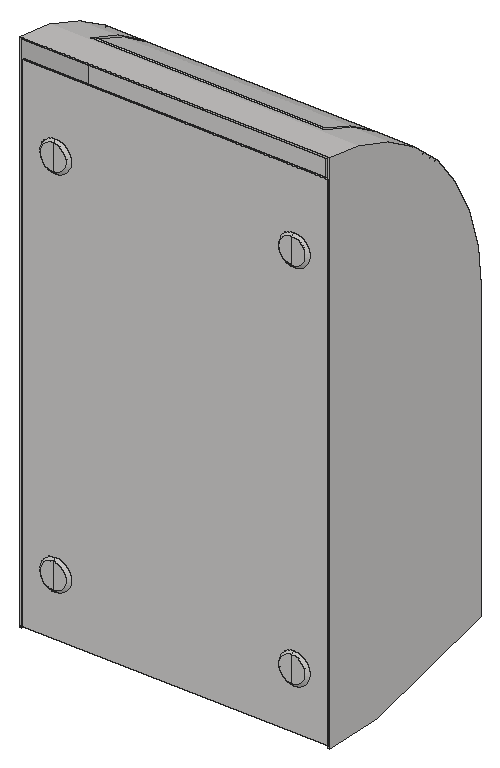
Revit family "DAN DRYER STAINLESS DESIGN 292", category Casework, host Wall, Revit 2018
Family settings
  Host = Wall
  OmniClass Number = 23.40.35.00
  OmniClass Title = Casework
  Always vertical = Yes
  Cut with Voids When Loaded = No
  Shared = No
  Room Calculation Point = No
Parameters (values of type "292")
  URL = "https://www.dandryer.com/Files/Billeder/292_GB%20data%20sheet_DAN%20DRYER%20compact%20waste%20bin%2030l.pdf"
  Model = "Stainless Design - 292"
  Manufacturer = "Dan Dryer"
  Description = "Waste Bin, 30 L"
Reference planes
  plane 1: y = 0
  plane 2 "Center (Left/Right)": x = 125
  plane 3 "Back": y = 75
Text (mm)
  text "Placement side" at (-1343.702, 674.496, 0), in view "Ref. Level"
  text "Placement side" at (0, 1232.041, 2958.779), in view "Left"
  text "Placement side" at (0, 590.385, 3035.99), in view "Right"
Dimensions and locks
  locked: plane 3 "Back" to host wall at 0
  aligned and locked: plane 1 to host wall
  aligned and locked: nested 1 to plane 3 "Back"
  aligned and locked: nested 1 to plane 2 "Center (Left/Right)"
Nested families
  nested 1: "Waste Bin" at (125, 75, 1100) x (-1, 0, 0) z (0, 0, 1), type "Waste Bin"
Definition of nested family "Waste Bin"
  Parameters (values of type "Waste Bin")
    Stainless = none
  Reference planes
    plane 1 "Center (Front/Back)": y = 0
    plane 2: z = 0
    plane 3 "Center (Left/Right)": x = 0
  Dimensions and locks
    aligned and locked: level to plane 2
    aligned and locked: plane 3 "Center (Left/Right)" to nested 1
    aligned and locked: nested 1 to plane 1 "Center (Front/Back)"
  Nested families
    nested 1: "Disposal bin" at (0, 0, 0) x (1, 0, 0) z (0, -1, 0), type "Disposal bin"
  Definition of nested family "Disposal bin"
    Parameters (values of type "Disposal bin")
      Stainless = none
      Default Elevation = 1219.2 mm
    Reference planes
      plane 1 "Center (Front/Back)": y = 0
      plane 2: z = 0
      plane 3 "Center (Left/Right)": x = 0
      plane 4: x = -187.5
      plane 5: x = 187.5
      plane 6: y = 309.45
      plane 7: y = -309.45
      plane 8: y = 217.95
      plane 9: y = -239.05
      plane 10: x = 145.5
      plane 11: x = -145.5
      plane 12: y = 333.55
      plane 13: y = -311.45
      plane 14: z = 233
    Forms (mm)
      Extrusion 1, solid, material <- "Stainless"
        sketch origin (0, 0, 0) x (1, 0, 0) y (0, 1, 0)
          loop
            line (-187.5, 309.45) -> (-187.5, -309.45) -> (187.5, -309.45) -> (187.5, 309.45) -> (-187.5, 309.45)
          loop
            circle (-145.5, 217.95) r 20
          loop
            circle (145.5, 217.95) r 20
          loop
            circle (145.5, -239.05) r 20
          loop
            circle (-145.5, -239.05) r 20
        from 4.5 to 3
      Revolve 2, solid, material <- "Stainless"
        sketch origin (145.5, -457, 0) x (0, 1, 0) y (0, 0, 1)
          loop
            line (198.95, 3) -> (201.95, 0) -> (217.95, 0) -> (217.95, 1.5) -> (202.571, 1.5) -> (199.571, 4.5) -> (197.95, 4.5) -> (197.95, 3) -> (198.95, 3)
          axis (217.95, 4.5) -> (217.95, 0)
        angle from 0 to 360
      Revolve 3, solid, material <- "Stainless"
        sketch origin (-145.5, -457, 0) x (0, 1, 0) y (0, 0, 1)
          loop
            line (198.95, 3) -> (201.95, 0) -> (217.95, 0) -> (217.95, 1.5) -> (202.571, 1.5) -> (199.571, 4.5) -> (197.95, 4.5) -> (197.95, 3) -> (198.95, 3)
          axis (217.95, 4.5) -> (217.95, 0)
        angle from 0 to 360
      Revolve 4, solid, material <- "Stainless"
        sketch origin (-145.5, 0, 0) x (0, 1, 0) y (0, 0, 1)
          loop
            line (198.95, 3) -> (201.95, 0) -> (217.95, 0) -> (217.95, 1.5) -> (202.571, 1.5) -> (199.571, 4.5) -> (197.95, 4.5) -> (197.95, 3) -> (198.95, 3)
          axis (217.95, 4.5) -> (217.95, 0)
        angle from 0 to 360
      Revolve 5, solid, material <- "Stainless"
        sketch origin (145.5, 0, 0) x (0, 1, 0) y (0, 0, 1)
          loop
            line (198.95, 3) -> (201.95, 0) -> (217.95, 0) -> (217.95, 1.5) -> (202.571, 1.5) -> (199.571, 4.5) -> (197.95, 4.5) -> (197.95, 3) -> (198.95, 3)
          axis (217.95, 4.5) -> (217.95, 0)
        angle from 0 to 360
      Extrusion 6, solid, material <- "Stainless"
        sketch origin (0, 0, 0) x (0, 1, 0) y (0, 0, 1)
          loop
            line (-311.45, 3) -> (333.55, 3)
            arc (333.55, 3) -> (259.488, 166.24) -> (93.127, 233) r 240.659
            line (93.127, 233) -> (-269.173, 233) -> (-311.45, 75.219) -> (-311.45, 3)
        from 188.5 to -188.5
      Extrusion 7, void
        sketch origin (0, 0, 0) x (0, 1, 0) y (0, 0, 1)
          loop
            arc (332.179, -0.5) -> (259.688, 163.964) -> (93.127, 231.5) r 239.159
            line (93.127, 231.5) -> (-268.022, 231.5) -> (-309.95, 75.021) -> (-309.95, 14.5) -> (-313.566, 14.5) -> (-313.566, -0.5) -> (-309.95, -0.5) -> (332.179, -0.5)
        from -187 to 187
      Extrusion 8, solid, material <- "Stainless"
        sketch origin (0, 0.312, 0.625) x (0, 1, 0) y (0, 0, 1)
          loop
            arc (324.92, 51.585) -> (288.009, 130.626) -> (225.22, 191.185) r 239.3
            line (225.22, 191.185) -> (225.22, 51.585) -> (324.92, 51.585)
        from -144.5 to 144.5
      Extrusion 9, void
        sketch origin (0, 0, 0) x (0, 1, 0) y (0, 0, 1)
          loop
            line (225.532, 53.71) -> (336.363, 53.71) -> (336.363, 192.753) -> (226.363, 192.753) -> (222.627, 187.134) -> (222.627, 53.71) -> (225.532, 53.71)
        from -143 to 143
      Extrusion 10, solid, material <- "Stainless"
        sketch origin (0, 0, 0) x (0, 1, 0) y (0, 0, 1)
          loop
            arc (324.661, 57.982) -> (288.261, 133.195) -> (228.337, 191.427) r 240.659
            line (228.337, 191.427) -> (224.571, 203.744) -> (223.136, 203.306) -> (227.057, 190.482) -> (227.057, 105.482)
            arc (227.057, 105.482) -> (247.634, 68.599) -> (287.249, 53.96) r 60.922
            line (287.249, 53.96) -> (315.249, 53.96) -> (323.263, 55.663)
            arc (323.263, 55.663) -> (324.465, 56.519) -> (324.661, 57.982) r 1.854
        from 138.5 to -138.5
      Extrusion 11, void
        sketch origin (0, 0, 0) x (0, 1, 0) y (0, 0, 1)
          loop
            arc (323.321, 57.209) -> (286.462, 133.12) -> (225.532, 191.504) r 239.159
            line (225.532, 191.504) -> (225.532, 53.71) -> (287.249, 53.71) -> (287.249, 55.46) -> (315.092, 55.46) -> (323.321, 57.209)
        from -137 to 137
    Cuts and joins
      joined: Extrusion 1, Revolve 2, Revolve 3, Revolve 4, Revolve 5
      Extrusion 7, Extrusion 9, Extrusion 11 cuts Extrusion 6
      Extrusion 9, Extrusion 11 cuts Extrusion 8
      joined: Extrusion 6, Extrusion 8
      Extrusion 11 cuts Extrusion 10
    Dimensions and locks
      equal spacing: plane 4, plane 3 "Center (Left/Right)", plane 5
      plane 4 to plane 3 "Center (Left/Right)" = 187.5 mm
      equal spacing: plane 6, plane 1 "Center (Front/Back)", plane 7
      plane 6 to plane 1 "Center (Front/Back)" = 309.45 mm
      plane 4 to plane 11 = 42 mm
      plane 10 to plane 5 = 42 mm
      plane 6 to plane 8 = 91.5 mm
      plane 8 to plane 9 = 457 mm
      aligned and locked: level to plane 2
      aligned and locked: plane 7 to Extrusion 1 sketch curve
      aligned and locked: Extrusion 1 sketch curve to plane 6
      aligned and locked: Extrusion 1 sketch curve to plane 5
      aligned and locked: plane 4 to Extrusion 1 sketch curve
    Automatic sketch dimensions
      Extrusion 1 sketch curve to plane 9 = 0 mm  (x2)
      Extrusion 1 sketch curve to plane 11 = 0 mm  (x2)
      Extrusion 1 sketch curve to plane 8 = 0 mm  (x2)
      Extrusion 1 sketch curve to plane 10 = 0 mm  (x2)
      Revolve 2 sketch curve to level = 0 mm
      Revolve 2 sketch curve to plane 9 = 0 mm  (x2)
      level to Revolve 2 sketch curve = 1.5 mm
      Revolve 2 sketch curve to plane 9 = 15.379 mm
      Revolve 2 sketch curve to Revolve 2 sketch curve = 0.621 mm  (x2)
      Revolve 2 sketch curve to Revolve 2 sketch curve = 3 mm
      level to Revolve 2 sketch curve = 3 mm
      Revolve 2 sketch curve to Revolve 2 sketch curve = 1.621 mm
      Revolve 2 sketch curve to Revolve 2 sketch curve = 1.5 mm
      Revolve 2 sketch curve to Revolve 2 sketch curve = 5 mm
      Revolve 2 sketch curve to Revolve 2 sketch curve = 8.5 mm
      Revolve 3 sketch curve to level = 0 mm
      Revolve 3 sketch curve to plane 9 = 0 mm  (x2)
      level to Revolve 3 sketch curve = 1.5 mm
      Revolve 3 sketch curve to Revolve 3 sketch curve = 15.379 mm
      Revolve 3 sketch curve to Revolve 3 sketch curve = 0.621 mm  (x2)
      Revolve 3 sketch curve to Revolve 3 sketch curve = 3 mm
      level to Revolve 3 sketch curve = 3 mm
      Revolve 3 sketch curve to Revolve 3 sketch curve = 1.621 mm
      Revolve 3 sketch curve to Revolve 3 sketch curve = 1.5 mm
      Revolve 3 sketch curve to Revolve 3 sketch curve = 5 mm
      Revolve 3 sketch curve to Revolve 3 sketch curve = 8.5 mm
      Revolve 4 sketch curve to level = 0 mm
      Revolve 4 sketch curve to plane 8 = 0 mm  (x2)
      level to Revolve 4 sketch curve = 1.5 mm
      Revolve 4 sketch curve to Revolve 4 sketch curve = 15.379 mm
      Revolve 4 sketch curve to Revolve 4 sketch curve = 0.621 mm  (x2)
      Revolve 4 sketch curve to Revolve 4 sketch curve = 3 mm
      level to Revolve 4 sketch curve = 3 mm
      Revolve 4 sketch curve to Revolve 4 sketch curve = 1.621 mm
      Revolve 4 sketch curve to Revolve 4 sketch curve = 1.5 mm
      Revolve 4 sketch curve to Revolve 4 sketch curve = 5 mm
      Revolve 4 sketch curve to Revolve 4 sketch curve = 8.5 mm
      Revolve 5 sketch curve to level = 0 mm
      Revolve 5 sketch curve to plane 8 = 0 mm  (x2)
      level to Revolve 5 sketch curve = 1.5 mm
      Revolve 5 sketch curve to plane 8 = 15.379 mm
      Revolve 5 sketch curve to Revolve 5 sketch curve = 0.621 mm  (x2)
      Revolve 5 sketch curve to Revolve 5 sketch curve = 3 mm
      level to Revolve 5 sketch curve = 3 mm
      Revolve 5 sketch curve to Revolve 5 sketch curve = 1.621 mm
      Revolve 5 sketch curve to Revolve 5 sketch curve = 1.5 mm
      Revolve 5 sketch curve to level = 5 mm
      Revolve 5 sketch curve to Revolve 5 sketch curve = 8.5 mm
      Extrusion 6 sketch curve to plane 13 = 0 mm
      plane 14 to Extrusion 6 sketch curve = 0 mm
      Extrusion 6 sketch curve to plane 12 = 0 mm
      Extrusion 6 sketch curve to plane 9 = 30.123 mm
      Extrusion 6 sketch curve to plane 1 "Center (Front/Back)" = 93.127 mm
      level to Extrusion 6 sketch curve = 75.219 mm
      level to Extrusion 6 sketch curve = 3 mm
      plane 13 to Extrusion 7 sketch curve = 2.116 mm
      Extrusion 7 sketch curve to plane 9 = 28.972 mm
      Extrusion 7 sketch curve to plane 1 "Center (Front/Back)" = 93.127 mm
      plane 12 to Extrusion 7 sketch curve = 1.371 mm
      Extrusion 7 sketch curve to level = 7.659 mm
      Extrusion 7 sketch curve to level = 0.5 mm
      Extrusion 7 sketch curve to Extrusion 7 sketch curve = 60.521 mm
      Extrusion 7 sketch curve to plane 7 = 0.5 mm  (x2)
      Extrusion 7 sketch curve to Extrusion 7 sketch curve = 15 mm
      Extrusion 8 sketch curve to level = 7.826 mm
      plane 12 to Extrusion 8 sketch curve = 239.965 mm
      Extrusion 8 sketch curve to Extrusion 8 sketch curve = 131.947 mm
      level to Extrusion 8 sketch curve = 52.21 mm
      Extrusion 8 sketch curve to Extrusion 8 sketch curve = 99.7 mm
      plane 8 to Extrusion 9 sketch curve = 4.677 mm
      Extrusion 9 sketch curve to Extrusion 9 sketch curve = 2.906 mm
      Extrusion 9 sketch curve to Extrusion 9 sketch curve = 3.736 mm
      level to Extrusion 9 sketch curve = 53.71 mm
      Extrusion 9 sketch curve to Extrusion 9 sketch curve = 133.424 mm
      Extrusion 9 sketch curve to Extrusion 9 sketch curve = 5.62 mm
      Extrusion 9 sketch curve to plane 12 = 2.813 mm
      Extrusion 10 sketch curve to level = 7.659 mm
      Extrusion 10 sketch curve to plane 1 "Center (Front/Back)" = 93.127 mm
      plane 8 to Extrusion 10 sketch curve = 5.186 mm
      Extrusion 10 sketch curve to Extrusion 10 sketch curve = 1.434 mm
      plane 8 to Extrusion 10 sketch curve = 9.107 mm
      Extrusion 10 sketch curve to Extrusion 10 sketch curve = 1.28 mm
      Extrusion 10 sketch curve to plane 6 = 22.201 mm
      plane 6 to Extrusion 10 sketch curve = 5.799 mm
      Extrusion 10 sketch curve to Extrusion 10 sketch curve = 7.628 mm
      Extrusion 10 sketch curve to Extrusion 10 sketch curve = 0.385 mm
      level to Extrusion 10 sketch curve = 53.96 mm
      Extrusion 10 sketch curve to Extrusion 10 sketch curve = 1.703 mm
      Extrusion 10 sketch curve to Extrusion 10 sketch curve = 1.814 mm
      Extrusion 10 sketch curve to Extrusion 10 sketch curve = 51.522 mm
      Extrusion 10 sketch curve to Extrusion 10 sketch curve = 85 mm
      Extrusion 10 sketch curve to Extrusion 10 sketch curve = 0.945 mm
      Extrusion 11 sketch curve to level = 7.659 mm
      Extrusion 11 sketch curve to plane 1 "Center (Front/Back)" = 93.127 mm
      Extrusion 11 sketch curve to plane 6 = 22.201 mm
      plane 6 to Extrusion 11 sketch curve = 5.642 mm
      level to Extrusion 11 sketch curve = 53.71 mm
      Extrusion 11 sketch curve to Extrusion 11 sketch curve = 1.75 mm
      plane 8 to Extrusion 11 sketch curve = 7.582 mm
      Extrusion 11 sketch curve to Extrusion 11 sketch curve = 8.229 mm
      Extrusion 11 sketch curve to Extrusion 11 sketch curve = 1.749 mm
      radius of Extrusion 1 sketch curve = 20 mm  (x4)
